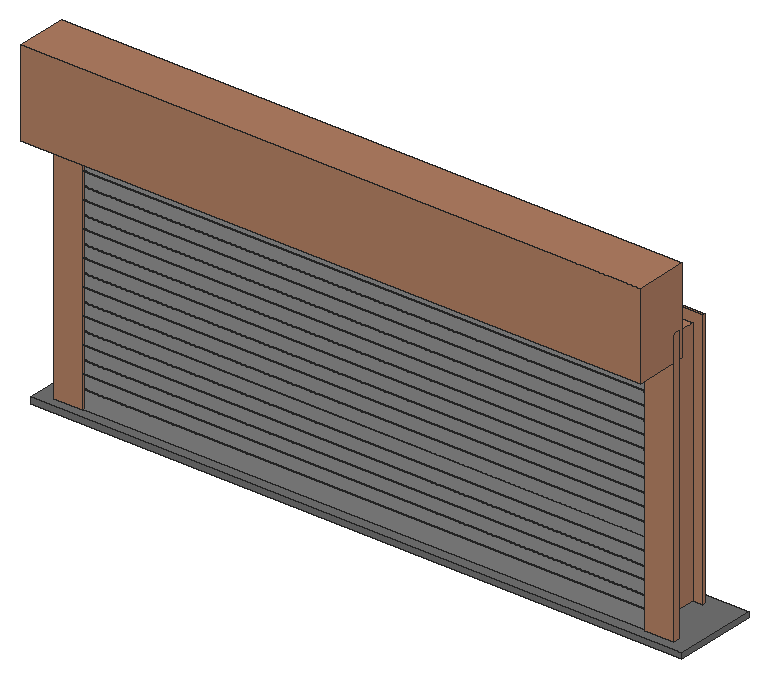
Revit family "665_Counter_Overhead_Door", category Doors, host Wall, Revit 2022
Family settings
  Host = Wall
  OmniClass Number = 23.30.10.17.27.11
  OmniClass Title = Overhead Coiling
  Always vertical = Yes
  Cut with Voids When Loaded = No
  Shared = No
  Room Calculation Point = No
Parameters (values of type "Finished Curtain with Primed Steel Hood Electric")
  Right End Cap Thickness = 0' - 2 1/2"
  Product Page URL = ""
  Panel Height = 4' - 5 1/16"
  Operator Material = Wood - Red Oak
  Operation = "[Electrical Motor - Push Button Control] [Electrical Motor - Key Operation] [Electrical Motor - Push Button w/ Key]"
  Maximum Width = "12'  0"  # constant formula
  Maximum Height = "8'  0"  # constant formula
  Left End Cap Thickness = 0' - 2 1/2"
  Hood Material = Metal - Steel - Primed
  Has End Caps = no
  Function = Interior
  Lock Type = "[Thumb Turn Locks] [Cylinder Locks]"
  Panel Width = Width  # 9' - 0"
  Panel Material = Finishes - Exterior - Gray
  Elevation From Level = 3' - 2 1/2"
  Electrical Operator = yes
  Door Track Material = Wood - Red Oak
  Door Gap From Wall Interior = 0' - 1 5/16"  # constant formula
  URL = "http://www.overheaddoor.com/"
  Thickness = 0' - 0 1/2"
  Specification = "https://www.arcat.com/company/overhead-door-corporation-34626/spec"
  SpecWizard = "https://www.arcat.com/company/overhead-door-corporation-34626/sw"
  Rough Width = Width + 0' 6 1/4"  # 9' - 6 1/4"
  Rough Height = 0' - 0"
  Product Data = "http://www.arcat.com/arcatcos/cos34/arc34626.html"
  Green Building-LEED = "https://www.arcat.com/company/overhead-door-corporation-34626/leed"
  Model = "655"
  Manufacturer = "Overhead Door Corporation"
  Keynote = "08 33 13"
  Height = Elevation From Level + Panel Height - 0' 5 1/16"  # 7' - 2 1/2"
  Wall Closure = By host
  Width = 9' - 0"
  Fire Rating = "As Specified in 08 36 00"
  Description = "Overhead Door Model 655 Overhead Coiling Steel Counter Door"
  Define Thermal Properties by = Schematic Type
  Copyright = "© 2024 ARCAT"  # constant formula
  Construction Details = "https://www.arcat.com/company/overhead-door-corporation-34626/cad"
  CAD Details = ""
  Bottom Bar = "[Primed Steel Angle with Weatherstrip] [Steel with Locking and Weatherstrip]"
  Assembly Code = "B2030410"
  Analytic Construction = "<None>"
Types (4): name | Operation | Has End Caps | Panel Material | Electrical Operator
  Finished Curtain with Primed Steel Hood Manual | "[Awning Crank Operator] [Manual - Push Up]" | yes | Finishes - Exterior - Gray | no
  Finished Curtain with Primed Steel Hood Electric | "[Electrical Motor - Push Button Control] [Electrical Motor - Key Operation] [Electrical Motor - Push Button w/ Key]" | no | Finishes - Exterior - Gray | yes
  Primed Steel Curtain with Primed Steel Hood Manual | "[Awning Crank Operator] [Manual - Push Up]" | yes | Metal - Steel - Primed | no
  Primed Steel Curtain with Primed Steel Hood Electric | "[Electrical Motor - Push Button Control] [Electrical Motor - Key Operation] [Electrical Motor - Push Button w/ Key]" | yes | Metal - Steel - Primed | yes
Reference planes (in)
  plane 1 "Center (Front/Back)": y = -33.7392
  plane 2 "Center (Left/Right)": x = 66
  plane 3: z = 0
  plane 4 "Door Face": y = -39.8017
  plane 5 "Right": x = 120
  plane 6 "Left": x = 12
  plane 7 "Closure": y = -38.4892
  plane 8: z = 0
  plane 9: y = -39.8017
  plane 10: y = -39.8017
  plane 11 "T.O. Opening": z = 86.5
  plane 12 "Countertop": z = 38.5
  plane 13: z = 91.5625
  plane 14: x = 6.375
  plane 15: x = 125.625
Forms (in)
  Extrusion 1, solid, material "Countertop"
    sketch origin (0, 0, 38.5) x (1, 0, 0) y (0, 1, 0)
      loop
        line (3.375, -42.33295) -> (128.625, -42.33295) -> (128.625, -26.33295) -> (3.375, -26.33295) -> (3.375, -42.33295)
    from -1.0625 to 0
  Sweep 2, solid, material "Wood - Red Oak"
    path in 3D
      loop
        line (12, -38.4892, 38.5) -> (12, -38.4892, 86.5) -> (120, -38.4892, 86.5) -> (120, -38.4892, 38.5)
    profile origin (66, -38.4892, 86.5) x (0, -1, 0) y (0, 0, -1)
      loop
        line (0, 0) -> (0, -1.90625) -> (0.71875, -1.90625) -> (0.71875, 0.71875) -> (-10.21875, 0.71875) -> (-10.21875, -1.90625) -> (-9.5, -1.90625) -> (-9.5, 0) -> (0, 0)
Lines and regions (in)
  Opening 1
    outline origin (-109.33485, -38.4892, 0) x (1, 0, 0) y (0, 0, 1)
      loop
        line (112.70985, 37.4375) -> (237.95985, 37.4375) -> (237.95985, 38.5) -> (229.33485, 38.5) -> (229.33485, 86.5) -> (121.33485, 86.5) -> (121.33485, 38.5) -> (112.70985, 38.5) -> (112.70985, 37.4375)
  sketch lines
    curve 1: line (12, -38.4892, 86.5) -> (120, -38.4892, 86.5)
    curve 2: line (12, -38.4892, 38.5) -> (12, -38.4892, 86.5)
    curve 3: line (120, -38.4892, 86.5) -> (120, -38.4892, 38.5)
  symbolic lines, style "Hidden Projection"
    curve 4: line (6.375, -38.4892, 0) -> (6.375, -48.4892, 0)
    curve 5: line (6.375, -48.4892, 0) -> (125.625, -48.4892, 0)
    curve 6: line (125.625, -48.4892, 0) -> (125.625, -38.4892, 0)
Text (in)
  text "Exterior" at (50.54558, 27.31104, 0), in view "A101 - Plan View"
  text "Interior" at (50.54558, -25.14366, 0), in view "A101 - Plan View"
  text "Exterior" at (0, -17.98638, 123.01588), in view "Right"
  text "Interior" at (0, -64.39139, 123.01588), in view "Right"
  text "Interior" at (0, -52.09468, 121.14095), in view "Left"
  text "Exterior" at (0, 26.35325, 123.00693), in view "Left"
Dimensions and locks (in)
  "Door Gap From Wall Interior": plane 4 "Door Face" to host wall
  equal spacing: plane 5 "Right", plane 2 "Center (Left/Right)", plane 6 "Left"
  "Width": plane 6 "Left" to plane 5 "Right"
  "Height": level to plane 11 "T.O. Opening"
  "Elevation From Level": plane 12 "Countertop" to level
  locked: plane 12 "Countertop" to Opening 1 sketch curve at 1.0625
  locked: Opening 1 sketch curve to plane 6 "Left" at 8.625
  locked: plane 5 "Right" to Opening 1 sketch curve at 8.625
  locked: Extrusion 1 to plane 7 "Closure" at 3.84375
  locked: host wall to Extrusion 1 at 2.65625
  locked: plane 13 to plane 11 "T.O. Opening" at 5.0625
  locked: plane 14 to plane 6 "Left" at 5.625
  locked: plane 5 "Right" to plane 15 at 5.625
  aligned and locked: Opening 1 sketch curve to plane 5 "Right"
  aligned and locked: plane 1 "Center (Front/Back)" to host wall
  aligned and locked: plane 7 "Closure" to host wall
  aligned and locked: plane 4 "Door Face" to plane 9
  aligned and locked: plane 4 "Door Face" to plane 10
  aligned and locked: plane 11 "T.O. Opening" to Opening 1 sketch curve
  aligned and locked: plane 7 "Closure" to nested 2
  aligned and locked: Extrusion 1 to host wall  (x3)
  aligned and locked: nested 1 to plane 4 "Door Face"
  aligned and locked: host wall to Sweep 2 sketch curve
Automatic sketch dimensions
  Opening 1 sketch curve to plane 6 "Left" = 0' - 0"
  Opening 1 sketch curve to plane 12 "Countertop" = 0' - 0"  (x2)
  plane 6 "Left" to Extrusion 1 sketch curve = 0' - 8 5/8"
  Extrusion 1 sketch curve to plane 5 "Right" = 0' - 8 5/8"
  plane 4 "Door Face" to Extrusion 1 sketch curve = 0' - 2 17/32"
  host wall to Extrusion 1 sketch curve = 0' - 2 21/32"
  Sweep 2 sketch curve to profile plane = 0' - 0"  (x2)
  Sweep 2 sketch curve to Sweep 2 sketch curve = 0' - 0 23/32"
  Sweep 2 sketch curve to profile plane = 0' - 0 23/32"
  Sweep 2 sketch curve to profile plane = 0' - 1 29/32"  (x2)
  profile plane to Sweep 2 sketch curve = 0' - 0 23/32"
  host wall to curve 6 = 0' - 0"
  host wall to curve 4 = 0' - 0"
  curve 4 to plane 14 = 0' - 0"
  curve 6 to plane 15 = 0' - 0"
  plane 4 "Door Face" to curve 6 = 0' - 8 11/16"
Nested families (in)
  nested 1: "Panel-Rolling_Countertop_651" at (66, -39.8017, 38.5), type "ByType"
  nested 2: "Rollup Case_Counter_6xx" at (37.25, -38.4892, 86.5), built-in parameter 1001360 <- "Height", type "ByType"
    with Height 4' - 5 1/16", Has End Caps no, Chain CL 0' - 8 3/16", B 1' - 4 3/8", A 0' - 10"
Definition of nested family "Panel-Rolling_Countertop_651"
  Parameters
    Width = 9' - 0"
    Track Material = none
    Panel Material = none
    Height = 4' - 5 1/16"
    Default Elevation = 0' - 0"
    Assembly Code = ""
  Reference planes (in)
    plane 1 "Center (Front/Back)": y = 0
    plane 2: z = 0
    plane 3 "Center (Left/Right)": x = 0
  Forms (in)
    Extrusion 1, solid, material <- "Panel Material"
      sketch origin (0, 0, 0) x (0, 1, 0) y (0, 0, 1)
        loop
          line (0, 0) -> (0, 3.25927) -> (-0.24264, 3.50191) -> (0, 3.74454) -> (0, 5.75927) -> (-0.24264, 6.00191) -> (0, 6.24454) -> (0, 8.25927) -> (-0.24264, 8.50191) -> (0, 8.74454) -> (0, 10.75927) -> (-0.24264, 11.00191) -> (0, 11.24454) -> (0, 13.25927) -> (-0.24264, 13.50191) -> (0, 13.74454) -> (0, 15.75927) -> (-0.24264, 16.00191) -> (0, 16.24454) -> (0, 18.25927) -> (-0.24264, 18.50191) -> (0, 18.74454) -> (0, 20.75927) -> (-0.24264, 21.00191) -> (0, 21.24454) -> (0, 23.25927) -> (-0.24264, 23.50191) -> (0, 23.74454) -> (0, 25.75927) -> (-0.24264, 26.00191) -> (0, 26.24454) -> (0, 28.25928) -> (-0.24264, 28.50191) -> (0, 28.74455) -> (0, 30.75928) -> (-0.24264, 31.00191) -> (0, 31.24455) -> (0, 33.25928) -> (-0.24264, 33.50191) -> (0, 33.74455) -> (0, 35.75928) -> (-0.24264, 36.00191) -> (0, 36.24455) -> (0, 38.25928) -> (-0.24264, 38.50191) -> (0, 38.74455) -> (0, 40.75928) -> (-0.24264, 41.00191) -> (0, 41.24455) -> (0, 43.25928) -> (-0.24264, 43.50191) -> (0, 43.74455) -> (0, 45.75928) -> (-0.24264, 46.00191) -> (0, 46.24455) -> (0, 48.25928) -> (-0.24264, 48.50191) -> (0, 48.74455) -> (0, 50.75928) -> (-0.24264, 51.00191) -> (0, 51.24455) -> (0, 53.25928) -> (-0.24264, 53.50191) -> (0, 53.74455) -> (0, 55.75928) -> (-0.24264, 56.00191) -> (0, 56.24455) -> (0, 58.25928) -> (-0.24264, 58.50191) -> (0, 58.74455) -> (0, 60.75928) -> (-0.24264, 61.00191) -> (0, 61.24455) -> (0, 63.25928) -> (-0.24264, 63.50191) -> (0, 63.74455) -> (0, 65.75928) -> (-0.24264, 66.00191) -> (0, 66.24455) -> (0, 68.25928) -> (-0.24264, 68.50191) -> (0, 68.74455) -> (0, 70.75928) -> (-0.24264, 71.00191) -> (0, 71.24455) -> (0, 73.25928) -> (-0.24264, 73.50191) -> (0, 73.74455) -> (0, 75.75928) -> (-0.24264, 76.00191) -> (0, 76.24455) -> (0, 78.25928) -> (-0.24264, 78.50191) -> (0, 78.74455) -> (0, 80.75928) -> (-0.24264, 81.00191) -> (0, 81.24455) -> (0, 83.25928) -> (-0.24264, 83.50191) -> (0, 83.74455) -> (0, 85.75928) -> (-0.24264, 86.00191) -> (0, 86.24455) -> (0, 88.25928) -> (-0.24264, 88.50191) -> (0, 88.74455) -> (0, 90.75928) -> (-0.24264, 91.00191) -> (0, 91.24455) -> (0, 93.25928) -> (-0.24264, 93.50191) -> (0, 93.74455) -> (0, 95.75928) -> (-0.24264, 96.00191) -> (0, 96.24455) -> (0, 98.25928) -> (-0.24264, 98.50192) -> (0, 98.74455) -> (0, 100.75928) -> (-0.24264, 101.00192) -> (0, 101.24455) -> (0, 103.25928) -> (-0.24264, 103.50192) -> (0, 103.74455) -> (0, 105.75928) -> (-0.24264, 106.00192) -> (0, 106.24455) -> (0, 108.25928) -> (-0.24264, 108.50192) -> (0, 108.74455) -> (0, 110.75928) -> (-0.24264, 111.00192) -> (0, 111.24455) -> (0, 113.25928) -> (-0.24264, 113.50192) -> (0, 113.74455) -> (0, 115.75928) -> (-0.24264, 116.00192) -> (0, 116.24455) -> (0, 118.25928) -> (-0.24264, 118.50192) -> (0, 118.74455) -> (0, 120.75928) -> (-0.24264, 121.00192) -> (0, 121.24455) -> (0, 123.25928) -> (-0.24264, 123.50192) -> (0, 123.74455) -> (0, 125.75928) -> (-0.24264, 126.00192) -> (0, 126.24455) -> (0, 377.30354) -> (-0.43287, 377.30354) -> (-0.43287, 126.08525) -> (-0.34953, 126.00191) -> (-0.43287, 125.91857) -> (-0.43287, 123.58525) -> (-0.34953, 123.50191) -> (-0.43287, 123.41857) -> (-0.43287, 121.08525) -> (-0.34953, 121.00191) -> (-0.43287, 120.91857) -> (-0.43287, 118.58525) -> (-0.34953, 118.50191) -> (-0.43287, 118.41857) -> (-0.43287, 116.08525) -> (-0.34953, 116.00191) -> (-0.43287, 115.91857) -> (-0.43287, 113.58525) -> (-0.34953, 113.50191) -> (-0.43287, 113.41857) -> (-0.43287, 111.08525) -> (-0.34953, 111.00191) -> (-0.43287, 110.91857) -> (-0.43287, 108.58525) -> (-0.34953, 108.50191) -> (-0.43287, 108.41857) -> (-0.43287, 106.08525) -> (-0.34953, 106.00191) -> (-0.43287, 105.91857) -> (-0.43287, 103.58525) -> (-0.34953, 103.50191) -> (-0.43287, 103.41857) -> (-0.43287, 101.08525) -> (-0.34953, 101.00191) -> (-0.43287, 100.91857) -> (-0.43287, 98.58525) -> (-0.34953, 98.50191) -> (-0.43287, 98.41857) -> (-0.43287, 96.08525) -> (-0.34953, 96.00191) -> (-0.43287, 95.91857) -> (-0.43287, 93.58525) -> (-0.34953, 93.50191) -> (-0.43287, 93.41857) -> (-0.43287, 91.08525) -> (-0.34953, 91.00191) -> (-0.43287, 90.91857) -> (-0.43287, 88.58525) -> (-0.34953, 88.50191) -> (-0.43287, 88.41857) -> (-0.43287, 86.08525) -> (-0.34953, 86.00191) -> (-0.43287, 85.91857) -> (-0.43287, 83.58525) -> (-0.34953, 83.50191) -> (-0.43287, 83.41857) -> (-0.43287, 81.08525) -> (-0.34953, 81.00191) -> (-0.43287, 80.91857) -> (-0.43287, 78.58525) -> (-0.34953, 78.50191) -> (-0.43287, 78.41857) -> (-0.43287, 76.08525) -> (-0.34953, 76.00191) -> (-0.43287, 75.91857) -> (-0.43287, 73.58525) -> (-0.34953, 73.50191) -> (-0.43287, 73.41857) -> (-0.43287, 71.08525) -> (-0.34953, 71.00191) -> (-0.43287, 70.91857) -> (-0.43287, 68.58525) -> (-0.34953, 68.50191) -> (-0.43287, 68.41857) -> (-0.43287, 66.08525) -> (-0.34953, 66.00191) -> (-0.43287, 65.91857) -> (-0.43287, 63.58525) -> (-0.34953, 63.50191) -> (-0.43287, 63.41857) -> (-0.43287, 61.08525) -> (-0.34953, 61.00191) -> (-0.43287, 60.91857) -> (-0.43287, 58.58525) -> (-0.34953, 58.50191) -> (-0.43287, 58.41857) -> (-0.43287, 56.08525) -> (-0.34953, 56.00191) -> (-0.43287, 55.91857) -> (-0.43287, 53.58525) -> (-0.34953, 53.50191) -> (-0.43287, 53.41857) -> (-0.43287, 51.08525) -> (-0.34953, 51.00191) -> (-0.43287, 50.91857) -> (-0.43287, 48.58525) -> (-0.34953, 48.50191) -> (-0.43287, 48.41857) -> (-0.43287, 46.08525) -> (-0.34953, 46.00191) -> (-0.43287, 45.91857) -> (-0.43287, 43.58525) -> (-0.34953, 43.50191) -> (-0.43287, 43.41857) -> (-0.43287, 41.08525) -> (-0.34953, 41.00191) -> (-0.43287, 40.91857) -> (-0.43287, 38.58525) -> (-0.34953, 38.50191) -> (-0.43287, 38.41857) -> (-0.43287, 36.08525) -> (-0.34953, 36.00191) -> (-0.43287, 35.91857) -> (-0.43287, 33.58525) -> (-0.34953, 33.50191) -> (-0.43287, 33.41857) -> (-0.43287, 31.08525) -> (-0.34953, 31.00191) -> (-0.43287, 30.91857) -> (-0.43287, 28.58525) -> (-0.34953, 28.50191) -> (-0.43287, 28.41857) -> (-0.43287, 26.08525) -> (-0.34953, 26.00191) -> (-0.43287, 25.91857) -> (-0.43287, 23.58525) -> (-0.34953, 23.50191) -> (-0.43287, 23.41857) -> (-0.43287, 21.08525) -> (-0.34953, 21.00191) -> (-0.43287, 20.91857) -> (-0.43287, 18.58525) -> (-0.34953, 18.50191) -> (-0.43287, 18.41857) -> (-0.43287, 16.08525) -> (-0.34953, 16.00191) -> (-0.43287, 15.91857) -> (-0.43287, 13.58525) -> (-0.34953, 13.50191) -> (-0.43287, 13.41857) -> (-0.43287, 11.08525) -> (-0.34953, 11.00191) -> (-0.43287, 10.91857) -> (-0.43287, 8.58525) -> (-0.34953, 8.50191) -> (-0.43287, 8.41857) -> (-0.43287, 6.08525) -> (-0.34953, 6.00191) -> (-0.43287, 5.91857) -> (-0.43287, 3.58525) -> (-0.34953, 3.50191) -> (-0.43287, 3.41857) -> (-0.43287, 0) -> (0, 0)
      from -54 to 54
    Extrusion 2, void
      sketch origin (0, 0, 0) x (0, 1, 0) y (0, 0, 1)
        loop
          line (1.29995, 53.0625) -> (1.29995, 396) -> (-1.53826, 396) -> (-1.53826, 53.0625) -> (1.29995, 53.0625)
      from -54 to 54
    Extrusion 3, solid, material <- "Track Material"
      sketch origin (0, 0, 0) x (1, 0, 0) y (0, 1, 0)
        loop
          line (-54, 0.49213) -> (-59.625, 0.49213) -> (-59.625, -0.6875) -> (-54, -0.6875) -> (-54, 0.49213)
        loop
          line (54, 0.49213) -> (54, -0.6875) -> (59.625, -0.6875) -> (59.625, 0.49213) -> (54, 0.49213)
      from 0 to 53.0625 <- "Height"
  Cuts and joins
    Extrusion 2 cuts Extrusion 1
  Lines and regions (in)
    reference lines
      curve 1: line (0, 34.50735, 53.0625) -> (0, -50.49265, 53.0625)
      curve 2: line (0, 38.48524, 396) -> (0, -46.51476, 396)
      curve 3: line (-54, 0, 85.14784) -> (-54, 0, 147.14784)
      curve 4: line (54, 0, 85.14784) -> (54, 0, 147.14784)
  Dimensions and locks (in)
    "Height": curve 1 to level
    equal spacing: curve 4, plane 3 "Center (Left/Right)", curve 3
    "Width": curve 4 to curve 3
    level to curve 2 = 33' - 0"
    locked: Extrusion 3 sketch curve to Extrusion 3 sketch curve at 5.625  (x2)
    Extrusion 3 sketch curve to plane 1 "Center (Front/Back)" to Extrusion 3 sketch curve = 0' - 0 11/16" locked, 0' - 0.49213" locked
    aligned and locked: curve 1 to Extrusion 2 sketch curve
    aligned and locked: curve 2 to Extrusion 2 sketch curve
    aligned and locked: Extrusion 2 to curve 3
    aligned and locked: Extrusion 2 to curve 4
    aligned and locked: curve 3 to cut or joined group of Extrusion 1, Extrusion 2
    aligned and locked: cut or joined group of Extrusion 1, Extrusion 2 to curve 4
    aligned and locked: Extrusion 3 sketch curve to Extrusion 3 sketch curve  (x2)
    aligned and locked: Extrusion 3 to curve 3
    aligned and locked: curve 4 to Extrusion 3
  Automatic sketch dimensions
    plane 1 "Center (Front/Back)" to Extrusion 2 sketch curve = 0' - 1.53826"
    Extrusion 2 sketch curve to plane 1 "Center (Front/Back)" = 0' - 1.29995"
    level to curve 4 = 7' - 1.14784"
    level to curve 3 = 7' - 1.14784"
    curve 4 to curve 4 = 5' - 2"
    curve 3 to curve 3 = 5' - 2"
    Extrusion 3 sketch curve to plane 3 "Center (Left/Right)" = 4' - 11 5/8"
    plane 3 "Center (Left/Right)" to Extrusion 3 sketch curve = 4' - 6"
    plane 1 "Center (Front/Back)" to curve 1 = 4' - 2.49265"
    curve 1 to curve 2 = 0' - 3.97789"  (x2)
    curve 1 to plane 1 "Center (Front/Back)" = 2' - 10.50735"
    Extrusion 1 sketch curve to level = 0' - 0"
    Extrusion 1 sketch curve to plane 1 "Center (Front/Back)" = 0' - 0"  (x51)
    plane 1 "Center (Front/Back)" to Extrusion 1 sketch curve = 0' - 0.24264"  (x41)
    plane 1 "Center (Front/Back)" to Extrusion 1 sketch curve = 0' - 0.24263"  (x9)
    Extrusion 1 sketch curve to Extrusion 1 sketch curve = 0' - 0.10689"  (x50)
    Extrusion 1 sketch curve to Extrusion 1 sketch curve = 0' - 0.08334"  (x101)
    Extrusion 1 sketch curve to Extrusion 1 sketch curve = 0' - 3.25927"
    Extrusion 1 sketch curve to Extrusion 1 sketch curve = 0' - 0.15929"  (x50)
    Extrusion 1 sketch curve to Extrusion 1 sketch curve = 0' - 0"  (x48)
    Extrusion 1 sketch curve to Extrusion 1 sketch curve = 0' - 2.01473"  (x38)
    Extrusion 1 sketch curve to Extrusion 1 sketch curve = 0' - 2.17402"  (x11)
    Extrusion 1 sketch curve to Extrusion 1 sketch curve = 0' - 0.08333"  (x2)
    Extrusion 1 sketch curve to Extrusion 1 sketch curve = 20' - 11.05899"
Definition of nested family "Rollup Case_Counter_6xx"
  Parameters (values of type "ByType")
    Width = 9' - 6 1/4"
    Right End Cap Thickness = 0' - 2 1/2"
    Height = 10' - 0"
    Has End Caps = yes
    End Cap Material = none
    Left End Cap Thickness = 0' - 2 1/2"
    Electric Controlled = yes
    Default Elevation = 0' - 0"
    Chain CL = B / 2  # 0' - 9 11/16"
    Case Material = none
    B = if(and(not(Width > 12' 0"), not(Height > 4' 6")), 1' 4 3/8", if(and(not(Width > 12' 0"), not(Height > 6' 4")), 1' 5 3/8", if(and(not(Width > 12' 0"), not(Height > 8' 4")), 1' 7 3/8", 1' 7 3/8")))  # 1' - 7 3/8"
    Assembly Code = ""
    A = if(and(not(Width > 12' 0"), not(Height > 4' 6")), 0' 10", if(and(not(Width > 12' 0"), not(Height > 6' 4")), 0' 11", if(and(not(Width > 12' 0"), not(Height > 8' 4")), 1' 1", 1' 1")))  # 1' - 1"
  Reference planes (in)
    plane 1 "Front": y = 0
    plane 2: z = 0
    plane 3 "Center (Left/Right)": x = 28.75
    plane 4 "Top": z = 19.375
    plane 5: y = -13
    plane 6: x = 87.125
    plane 7: x = -28.375
    plane 8: x = 85.875
    plane 9: x = 88.375
    plane 10: y = -3.3125
    plane 11: z = -120
  Forms (in)
    Extrusion 1, solid, material <- "Case Material"
      sketch origin (28.75, 0, 0) x (0, 1, 0) y (0, 0, 1)
        loop
          line (-13, 19.375) -> (-13, 0) -> (0, 0) -> (0, 19.375) -> (-13, 19.375)
      from -57.125 to 57.125
    Extrusion 2, solid, material <- "Case Material"
      sketch origin (0, 0, 0) x (1, 0, 0) y (0, 1, 0)
        loop
          line (85.875, 0) -> (85.875, -13) -> (88.375, -13) -> (88.375, 0) -> (85.875, 0)
        loop
          line (-28.375, 0) -> (-30.875, 0) -> (-30.875, -13) -> (-28.375, -13) -> (-28.375, 0)
      from 0 to 19.375 <- "B"
  Cuts and joins
    joined: Extrusion 1, Extrusion 2
  Dimensions and locks (in)
    "B": plane 4 "Top" to level
    "A": plane 5 to plane 1 "Front"
    "Left End Cap Thickness": Extrusion 2 to Extrusion 1
    equal spacing: plane 7, plane 3 "Center (Left/Right)", plane 8
    "Width": plane 7 to plane 8
    equal spacing: plane 8, plane 6, plane 9
    "Right End Cap Thickness": plane 8 to plane 9
    "Chain CL": plane 5 to plane 10
    "Height": level to plane 11
    aligned and locked: Extrusion 2 to Extrusion 1  (x2)
    aligned and locked: Extrusion 1 to plane 7
    aligned and locked: Extrusion 1 to plane 8
    aligned and locked: Extrusion 2 to plane 9
    aligned and locked: Extrusion 2 to plane 4 "Top"
  Automatic sketch dimensions
    Extrusion 2 sketch curve to plane 1 "Front" = 0' - 0"  (x2)
    Extrusion 2 sketch curve to plane 5 = 0' - 0"  (x2)
    Extrusion 2 sketch curve to plane 3 "Center (Left/Right)" = 4' - 11 5/8"
    Extrusion 2 sketch curve to Extrusion 2 sketch curve = 0' - 2 1/2"  (x2)
    plane 3 "Center (Left/Right)" to Extrusion 2 sketch curve = 4' - 9 1/8"
    Extrusion 1 sketch curve to level = 0' - 0"
    Extrusion 1 sketch curve to plane 1 "Front" = 0' - 0"
    Extrusion 1 sketch curve to plane 4 "Top" = 0' - 0"
    Extrusion 1 sketch curve to plane 5 = 0' - 0"
